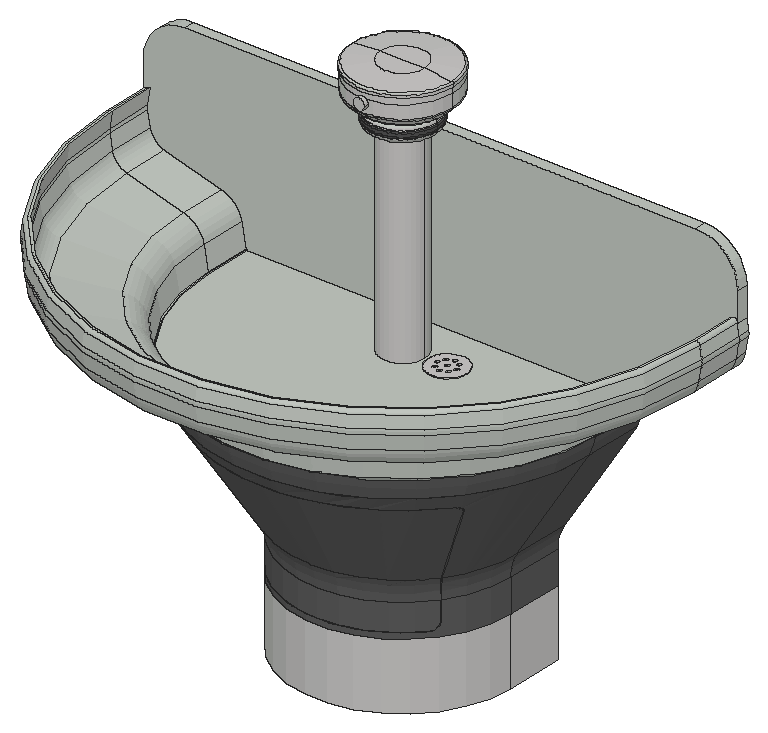
Revit family "Washfountain_Lavatory-Bradley_Corp-TDB3104-Type_A_Drain", category Plumbing Fixtures, Revit 2012 (continued)
Lines and regions (in)
  symbolic lines, visible <- "Towel Dispenser"
    curve 42: line (-9.02868, -27, 53.185) -> (-3.52868, -27, 53.185)
    curve 43: line (-3.52868, -27, 53.185) -> (-1.58013, -27, 51.81)
    curve 44: line (-3.52868, -27, 53.185) -> (-3.52868, -27, 66.435)
    curve 45: line (-9.02868, -27, 66.435) -> (-3.52868, -27, 66.435)
    curve 46: line (-3.52868, -27, 66.435) -> (-0.06458, -27, 67.1225)
    curve 47: line (-0.06458, -27, 67.1225) -> (-0.06458, -27, 51.81)
    curve 48: line (0.06458, -27, 51.81) -> (0.06458, -27, 67.1225)
    curve 49: line (0.06458, -27, 67.1225) -> (3.52868, -27, 66.435)
    curve 50: line (3.52868, -27, 66.435) -> (3.52868, -27, 53.185)
    curve 51: line (3.52868, -27, 53.185) -> (1.58013, -27, 51.81)
    curve 52: line (3.52868, -27, 53.185) -> (9.02868, -27, 53.185)
    curve 53: line (3.52868, -27, 66.435) -> (9.02868, -27, 66.435)
    curve 54: line (-2, -27, 67.1225) -> (2, -27, 67.1225)
    curve 55: line (-2, -27, 51.81) -> (2, -27, 51.81)
    curve 70: line (-5.56458, 7, 67.1225) -> (-5.56458, 7, 51.81)
    curve 71: line (5.56458, 7, 67.1225) -> (5.56458, 7, 51.81)
    curve 72: line (-2, 7, 53.37293) -> (-2, 7, 65.935)
    curve 73: line (2, 7, 65.935) -> (2, 7, 53.37293)
    curve 133: line (-27, -4.11186, 66.435) -> (-27, -2.11186, 67.1225)
    curve 134: line (-27, -4.11186, 66.435) -> (-27, -13.63814, 66.435)
    curve 135: line (-27, -4.11186, 53.185) -> (-27, -4.11186, 66.435)
    curve 136: line (-27, -2.98686, 51.81) -> (-27, -4.11186, 53.185)
    curve 137: line (-27, -4.11186, 53.185) -> (-27, -13.63814, 53.185)
    curve 144: line (-27, -3.25, 67.1225) -> (-27, -7.25, 67.1225)
    curve 145: line (-26.9807, -3.25, 51.81) -> (-26.9807, -7.25, 51.81)
    curve 152: line (-0.06458, -11.63814, 51.81) -> (-5.56458, -2.11186, 51.81)
    curve 153: line (5.56458, -2.11186, 51.81) -> (0.06458, -11.63814, 51.81)
    curve 164: line (-2, 7, 51.81) -> (-2, 7, 52.87293)
    curve 165: line (2, 7, 51.81) -> (2, 7, 52.87293)
    curve 166: line (-2, 7, 67.1225) -> (-2, 7, 66.435)
    curve 167: line (2, 7, 67.1225) -> (2, 7, 66.435)
    curve 168: line (-5.56458, 7, 66.435) -> (5.56458, 7, 66.435)
    curve 169: line (5.56458, 7, 65.935) -> (-5.56458, 7, 65.935)
    curve 170: line (-5.56458, 7, 53.37293) -> (5.56458, 7, 53.37293)
    curve 171: line (5.56458, 7, 52.87293) -> (-5.56458, 7, 52.87293)
  symbolic lines, visible <- "Towel Dispenser", detail levels medium+fine
    curve 56: line (-3.83614, -27, 52.87293) -> (-7.83674, -27, 52.87293)
    curve 57: spline (-7.83674, -27, 52.87293) -> (-7.91491, -27, 52.8596) -> (-7.94999, -27, 52.82053) -> (-7.93958, -27, 52.75838) -> (-7.88439, -27, 52.67739) -> (-7.78818, -27, 52.58306) -> (-7.65752, -27, 52.48184) -> (-7.50129, -27, 52.38062) -> (-7.33016, -27, 52.2863) -> (-7.15579, -27, 52.2053) -> (-6.99004, -27, 52.14315) -> (-6.84423, -27, 52.10408) -> (-6.72829, -27, 52.09075)
    curve 58: line (-6.72829, -27, 52.09075) -> (-2.72769, -27, 52.09075)
    curve 59: spline (-2.72769, -27, 52.09075) -> (-2.64952, -27, 52.10408) -> (-2.61444, -27, 52.14315) -> (-2.62485, -27, 52.2053) -> (-2.68004, -27, 52.2863) -> (-2.77625, -27, 52.38062) -> (-2.90691, -27, 52.48184) -> (-3.06314, -27, 52.58306) -> (-3.23427, -27, 52.67739) -> (-3.40864, -27, 52.75838) -> (-3.57439, -27, 52.82053) -> (-3.7202, -27, 52.8596) -> (-3.83614, -27, 52.87293)
    curve 60: line (7.83728, -27, 52.87335) -> (3.83704, -27, 52.87335)
    curve 61: spline (3.83704, -27, 52.87335) -> (3.72108, -27, 52.86002) -> (3.57526, -27, 52.82095) -> (3.4095, -27, 52.75879) -> (3.2351, -27, 52.67779) -> (3.06395, -27, 52.58345) -> (2.90772, -27, 52.48222) -> (2.77704, -27, 52.38099) -> (2.68082, -27, 52.28666) -> (2.62563, -27, 52.20565) -> (2.61521, -27, 52.1435) -> (2.65029, -27, 52.10442) -> (2.72847, -27, 52.09109)
    curve 62: line (2.72847, -27, 52.09109) -> (6.72872, -27, 52.09109)
    curve 63: spline (6.72872, -27, 52.09109) -> (6.84468, -27, 52.10442) -> (6.9905, -27, 52.1435) -> (7.15626, -27, 52.20565) -> (7.33066, -27, 52.28666) -> (7.5018, -27, 52.38099) -> (7.65804, -27, 52.48222) -> (7.78872, -27, 52.58345) -> (7.88494, -27, 52.67779) -> (7.94013, -27, 52.75879) -> (7.95054, -27, 52.82095) -> (7.91547, -27, 52.86002) -> (7.83728, -27, 52.87335)
    curve 140: line (-27, -12.08429, 52.87293) -> (-27, -5.15505, 52.87293)
    curve 141: spline (-27, -5.15505, 52.87293) -> (-27, -4.97604, 52.8596) -> (-27, -4.78742, 52.82053) -> (-27, -4.60205, 52.75838) -> (-27, -4.43256, 52.67739) -> (-27, -4.2905, 52.58306) -> (-27, -4.18555, 52.48184) -> (-27, -4.12486, 52.38062) -> (-27, -4.11258, 52.2863) -> (-27, -4.14953, 52.2053) -> (-27, -4.23319, 52.14315) -> (-27, -4.35788, 52.10408) -> (-27, -4.51509, 52.09075)
    curve 142: line (-27, -4.51509, 52.09075) -> (-27, -11.44433, 52.09075)
    curve 143: spline (-27, -11.44433, 52.09075) -> (-27, -11.62334, 52.10408) -> (-27, -11.81196, 52.14315) -> (-27, -11.99733, 52.2053) -> (-27, -12.16682, 52.2863) -> (-27, -12.30888, 52.38062) -> (-27, -12.41383, 52.48184) -> (-27, -12.47452, 52.58306) -> (-27, -12.4868, 52.67739) -> (-27, -12.44985, 52.75838) -> (-27, -12.36618, 52.82053) -> (-27, -12.2415, 52.8596) -> (-27, -12.08429, 52.87293)
    curve 151: line (-1.58013, -12.51314, 51.81) -> (-7.08013, -2.98686, 51.81)
    curve 154: line (7.08013, -2.98686, 51.81) -> (1.58013, -12.51314, 51.81)
  symbolic lines, visible <- "Towel Dispenser", detail levels fine
    curve 64: line (-8.05179, -27, 57.78719) -> (-8.05179, -27, 55.78719)
    curve 65: line (-8.05179, -27, 55.78719) -> (-8.05179, -27, 57.78719)
    curve 66: line (4.50683, -27, 57.78485) -> (4.50683, -27, 55.78485)
    curve 67: line (4.50683, -27, 55.78485) -> (4.50683, -27, 57.78485)
    curve 68: spline (-9.02868, -27, 53.185) -> (-8.93498, -27, 56.22612) -> (-8.66025, -27, 59.06) -> (-8.22323, -27, 61.4935) -> (-7.65368, -27, 63.3608) -> (-6.99044, -27, 64.53463) -> (-6.27868, -27, 64.935) -> (-5.56693, -27, 64.53463) -> (-4.90368, -27, 63.3608) -> (-4.33414, -27, 61.4935) -> (-3.89711, -27, 59.06) -> (-3.62239, -27, 56.22612) -> (-3.52868, -27, 53.185)
    curve 69: spline (3.52868, -27, 53.185) -> (3.62239, -27, 56.16142) -> (3.89711, -27, 58.935) -> (4.33414, -27, 61.31673) -> (4.90368, -27, 63.14429) -> (5.56693, -27, 64.29315) -> (6.27868, -27, 64.685) -> (6.99044, -27, 64.29315) -> (7.65368, -27, 63.14429) -> (8.22323, -27, 61.31673) -> (8.66025, -27, 58.935) -> (8.93498, -27, 56.16142) -> (9.02868, -27, 53.185)
    curve 138: spline (-27, -13.63814, 53.185) -> (-27, -13.47584, 56.16142) -> (-27, -13, 58.935) -> (-27, -12.24305, 61.31673) -> (-27, -11.25657, 63.14429) -> (-27, -10.10779, 64.29315) -> (-27, -8.875, 64.685) -> (-27, -7.64221, 64.29315) -> (-27, -6.49343, 63.14429) -> (-27, -5.50695, 61.31673) -> (-27, -4.75, 58.935) -> (-27, -4.27416, 56.16142) -> (-27, -4.11186, 53.185)
    curve 139: spline (-27, -5.8067, 55.78656) -> (-27, -5.84041, 55.82064) -> (-27, -5.87182, 55.92054) -> (-27, -5.89879, 56.07946) -> (-27, -5.91949, 56.28656) -> (-27, -5.9325, 56.52774) -> (-27, -5.93694, 56.78656) -> (-27, -5.9325, 57.04538) -> (-27, -5.91949, 57.28656) -> (-27, -5.89879, 57.49367) -> (-27, -5.87182, 57.65259) -> (-27, -5.84041, 57.75249) -> (-27, -5.8067, 57.78656) -> (-27, -5.77299, 57.75249) -> (-27, -5.74158, 57.65259) -> (-27, -5.7146, 57.49367) -> (-27, -5.69391, 57.28656) -> (-27, -5.68089, 57.04538) -> (-27, -5.67646, 56.78656) -> (-27, -5.68089, 56.52774) -> (-27, -5.69391, 56.28656) -> (-27, -5.7146, 56.07946) -> (-27, -5.74158, 55.92054) -> (-27, -5.77299, 55.82064) -> (-27, -5.8067, 55.78656)
  symbolic lines, visible <- "Soap Dispenser", detail levels medium+fine
    curve 79: line (-27, -11.45731, 54.75) -> (-27, -3.06766, 54.75)
    curve 87: line (-6.03002, 0, 54.75) -> (6.03002, 0, 54.75)
    curve 155: line (-4.17808, -3.06766, 55.75) -> (-4.17808, -5.3402, 55.75)
    curve 156: arc (4.17808, -5.3402, 55.75) -> (0, -9.51828, 55.75) -> (-4.17808, -5.3402, 55.75) r 4.17808
    curve 157: line (4.17808, -5.3402, 55.75) -> (4.17808, -3.06766, 55.75)
  symbolic lines, visible <- "Soap Dispenser", detail levels fine
    curve 80: line (-27, -11.49582, 55.37453) -> (-27, -3.06766, 55.37453)
    curve 81: line (-27, -11.32199, 54.10673) -> (-27, -3.06766, 54.10673)
    curve 82: line (-27, -11.26962, 52.85673) -> (-27, -3.06766, 52.85673)
    curve 83: line (-27, -11.217, 51.60673) -> (-27, -3.06766, 51.60673)
    curve 84: line (-27, -11.14922, 50.35673) -> (-27, -3.06766, 50.35673)
    curve 86: line (-6.15562, 0, 55.375) -> (6.15562, 0, 55.375)
    curve 88: line (5.98204, 0, 54.10673) -> (-5.98204, 0, 54.10673)
    curve 89: line (-5.92942, 0, 52.85673) -> (5.92942, 0, 52.85673)
    curve 90: line (5.8768, 0, 51.60673) -> (-5.8768, 0, 51.60673)
    curve 91: line (-5.80902, 0, 50.35673) -> (5.82464, 0, 50.35673)
  symbolic lines, visible <- "Soap Dispenser"
    curve 85: line (-27, -7.25, 49.75) -> (-27, -3.24582, 49.75)
    curve 92: line (-2, 0, 49.75) -> (2, 0, 49.75)
  symbolic lines, detail levels medium
    curve 94: line (-4.5755, -5.25, 45.06653) -> (4.5755, -5.25, 45.06653)
    curve 100: line (-3.035, -5.25, 42.77376) -> (-3.125, -5.25, 42.77376)
    curve 101: line (-3.035, -5.25, 43.27361) -> (-3.125, -5.25, 43.27361)
    curve 102: line (3.035, -5.25, 43.27361) -> (3.125, -5.25, 43.27361)
    curve 103: line (3.035, -5.25, 42.77376) -> (3.125, -5.25, 42.77376)
    curve 106: line (-27, -0.6745, 45.06653) -> (-27, -9.8255, 45.06653)
    curve 109: line (-27, -2.125, 43.27361) -> (-27, -2.215, 43.27361)
    curve 111: line (-26.9807, -8.285, 43.27392) -> (-26.9807, -8.375, 43.27392)
    curve 112: line (-27, -8.375, 42.77376) -> (-27, -8.285, 42.77376)
    curve 114: line (-27, -2.215, 42.77376) -> (-27, -2.125, 42.77376)
  symbolic lines, detail levels medium+fine
    curve 98: line (-3.035, -5.25, 43.27361) -> (3.035, -5.25, 43.27361)
    curve 99: line (3.035, -5.25, 42.77376) -> (-3.035, -5.25, 42.77376)
    curve 110: line (-27, -2.215, 43.27361) -> (-27, -8.285, 43.27361)
    curve 113: line (-27, -8.285, 42.77376) -> (-27, -2.215, 42.77376)
    curve 158: line (-16.42795, -5.25, 34) -> (-16.42795, -0.99695, 34)
    curve 159: arc (16.42795, -5.25, 34) -> (0, -21.67795, 34) -> (-16.42795, -5.25, 34) r 16.42795
    curve 160: line (16.42795, -0.99695, 34) -> (16.42795, -5.25, 34)
    curve 173: circle (4, -5.24635, 34) r 1.34351 normal (0, 0, 1)
    curve 174: circle (4, -5.24635, 34) r 0.1842 normal (0, 0, 1)
    curve 175: circle (4, -4.36864, 34) r 0.1842 normal (0, 0, 1)
    curve 176: circle (4.62063, -4.62571, 34) r 0.1842 normal (0, 0, 1)
    curve 177: circle (4.87771, -5.24635, 34) r 0.1842 normal (0, 0, 1)
    curve 178: circle (4.62063, -5.86698, 34) r 0.1842 normal (0, 0, 1)
    curve 179: circle (4, -6.12406, 34) r 0.1842 normal (0, 0, 1)
    curve 180: circle (3.37937, -5.86698, 34) r 0.1842 normal (0, 0, 1)
    curve 181: circle (3.12229, -5.24635, 34) r 0.1842 normal (0, 0, 1)
    curve 182: circle (3.37937, -4.62571, 34) r 0.1842 normal (0, 0, 1)
    curve 185: circle (0, -5.25, 47.414) r 3.75 normal (0, 0, 1)
  symbolic lines, visible <- "Standard Height", detail levels medium+fine
    curve 116: arc (-27, -25.14914, 27.60641) -> (-27, -21.62946, 26.99605) -> (-27, -18.06241, 26.80413) r 30.30246
    curve 132: line (-27, -18.06241, 26.80413) -> (-27, -15.06241, 26.80413)
    curve 161: arc (-19.89268, -27, 27.60641) -> (0, -27, 26.06829) -> (19.89268, -27, 27.60641) r 129.40584
  symbolic lines, visible <- "Standard Height", detail levels coarse
    curve 125: line (-27, -25.14914, 27.60641) -> (-27, 0, 27.60641)
    curve 162: line (-19.89268, -27, 27.60641) -> (19.89268, -27, 27.60641)
  symbolic lines, visible <- "Juvenile Height", detail levels medium+fine
    curve 126: arc (-27, -24.98186, 24.71005) -> (-27, -21.77754, 24.31554) -> (-27, -18.55112, 24.19901) r 37.37844
    curve 146: arc (-19.73471, -27, 24.7109) -> (0, -27, 24) -> (19.73471, -27, 24.7109) r 274.27377
  symbolic lines, visible <- "Soap Dispenser", detail levels medium
    curve 128: line (-6.03002, 0, 54.75) -> (-6.11711, 0, 54.75)
    curve 129: line (6.03002, 0, 54.75) -> (6.11711, 0, 54.75)
  symbolic lines, visible <- "Button Visibility"
    curve 184: circle (0, -44.4096, 45.95529) r 0.5 normal (0, -1, 0)
Dimensions and locks (in)
  equal spacing: plane 4 "Left", plane 3 "Center (Left/Right)", plane 5 "Right"
  "Width": plane 4 "Left" to plane 5 "Right"
  "Towel Dispenser Height": plane 6 "Towel Dispenser" to plane 2
  "Soap Dispenser Height": plane 7 "Soap Dispenser" to plane 2
  "Sensor Module Height": plane 8 "Sensor Module" to plane 2
  "Spray Head Height": plane 9 "Spray Head" to plane 2
  "Rim Height": plane 10 "Rim Height" to plane 2
  "Pedestal Height": plane 11 "Pedestal Height" to plane 2
  locked: curve 14 to plane 11 "Pedestal Height" at 16.5
  locked: curve 21 to plane 11 "Pedestal Height" at 12.5
  locked: Extrusion 19 sketch curve to Extrusion 19 sketch curve at 4
  locked: curve 25 to Extrusion 19 sketch curve at 15.3125
  locked: plane 7 "Soap Dispenser" to Extrusion 23 sketch curve at 6
  locked: plane 7 "Soap Dispenser" to Revolve 25 sketch curve at 6
  locked: plane 7 "Soap Dispenser" to Masking region 13 sketch curve at 6  (x2)
  locked: plane 8 "Sensor Module" to Revolve 22 sketch curve at 3.17187
  locked: plane 8 "Sensor Module" to Revolve 22 sketch curve at 5.10281
  locked: plane 8 "Sensor Module" to Revolve 21 sketch curve at 3.17187
  locked: plane 8 "Sensor Module" to Revolve 21 sketch curve at 5.10281
  locked: curve 25 to Extrusion 19 sketch curve at 15.16214
  locked: curve 25 to Extrusion 19 sketch curve at 4
  locked: Extrusion 18 sketch curve to curve 24 at 4
  locked: curve 24 to Extrusion 18 sketch curve at 15.3125
  locked: curve 24 to Extrusion 18 sketch curve at 15.16214
  "Towel Dispenser Holder": plane 6 "Towel Dispenser" to Masking region 6
  "Towel Dispenser Holder": plane 6 "Towel Dispenser" to Extrusion 27
  locked: Extrusion 27 to Extrusion 18 at 1
  "Towel Dispenser Holder": plane 6 "Towel Dispenser" to Masking region 11
  locked: plane 7 "Soap Dispenser" to Revolve 25 sketch curve at 1
  locked: plane 7 "Soap Dispenser" to Revolve 25 sketch curve at 0.375
  locked: plane 8 "Sensor Module" to Extrusion 15 at 3.17187
  locked: Extrusion 29 sketch curve to plane 1 "Center (Front/Back)" at 2  (x2)
  Extrusion 29 sketch curve to plane 3 "Center (Left/Right)" to Extrusion 29 sketch curve = 7.625" locked, 7.625" locked
  Extrusion 30 sketch curve to plane 3 "Center (Left/Right)" to Extrusion 30 sketch curve = 7.625" locked, 7.625" locked
  locked: Extrusion 30 sketch curve to plane 2 at 12
  locked: Extrusion 29 to plane 2 at 2.5
  locked: plane 1 "Center (Front/Back)" to Extrusion 30 at 2.5
  plane 7 "Soap Dispenser" to Extrusion 24 sketch curve to Extrusion 24 sketch curve = 1.000" locked, 5.000" locked
  plane 7 "Soap Dispenser" to Revolve 26 sketch curve to Revolve 26 sketch curve = 1.000" locked, 5.000" locked
  locked: plane 7 "Soap Dispenser" to Extrusion 32 sketch curve at 1
  Extrusion 30 sketch curve to plane 2 = 12.000"
  locked: Extrusion 35 sketch curve to plane 1 "Center (Front/Back)" at 5.25
  locked: Extrusion 35 to plane 2 at 3
  locked: plane 3 "Center (Left/Right)" to Extrusion 35 sketch curve at 4
  locked: Extrusion 36 sketch curve to plane 3 "Center (Left/Right)" at 4
  locked: Extrusion 36 sketch curve to plane 2 at 13.25
  locked: plane 1 "Center (Front/Back)" to Extrusion 36 at 3
  "Hot Lavatory Inlet Secondary Radius": radius of Extrusion 29 sketch curve
  "Cold Lavatory Inlet Secondary Radius": radius of Extrusion 29 sketch curve
  "Hot Lavatory Inlet Primary Radius": radius of Extrusion 30 sketch curve
  "Cold Lavatory Inlet Primary Radius": radius of Extrusion 30 sketch curve
  "Drain Secondary Radius": radius of Extrusion 35 sketch curve
  "Drain Primary Radius": radius of Extrusion 36 sketch curve
  aligned and locked: plane 10 "Rim Height" to curve 1
  aligned and locked: Sweep 4 to Extrusion 15
  aligned and locked: plane 6 "Towel Dispenser" to curve 23
  aligned and locked: Extrusion 17 to plane 8 "Sensor Module"
  aligned and locked: Extrusion 18 to Extrusion 20
  aligned and locked: plane 11 "Pedestal Height" to Masking region 9 sketch curve
  aligned and locked: plane 2 to Masking region 9 sketch curve
  aligned and locked: Masking region 10 sketch curve to plane 8 "Sensor Module"
  aligned and locked: Masking region 12 to plane 8 "Sensor Module"
  aligned and locked: Masking region 13 to plane 8 "Sensor Module"
  aligned and locked: Masking region 14 to plane 8 "Sensor Module"
  aligned and locked: Masking region 25 to Revolve 21
  aligned and locked: Masking region 25 to plane 10 "Rim Height"
  aligned and locked: Revolve 21 to Masking region 26
  aligned and locked: plane 10 "Rim Height" to Masking region 26
  aligned and locked: Revolve 25 to Masking region 14  (x3)
  aligned and locked: Masking region 14 sketch curve to Extrusion 23
  aligned and locked: Extrusion 23 to Masking region 14
  aligned and locked: Extrusion 17 to cut or joined group of Extrusion 24, Revolve 26
  aligned and locked: Revolve 31 sketch curve to plane 3 "Center (Left/Right)"
  aligned and locked: Extrusion 29 to plane 2
  aligned and locked: Extrusion 35 to plane 2
  aligned and locked: Extrusion 36 to plane 1 "Center (Front/Back)"
  aligned and locked: Extrusion 30 to plane 1 "Center (Front/Back)"
Automatic sketch dimensions
  curve 21 to plane 4 "Left" = 6.92149"
  curve 21 to curve 14 = 1.92149"
  plane 4 "Left" to curve 14 = 6.000"
  curve 14 to curve 21 = 0.07851"
  curve 1 to plane 4 "Left" = 20.13744"
  plane 4 "Left" to curve 1 = 2.86256"
  Extrusion 1 sketch curve to plane 1 "Center (Front/Back)" = 0.000"
  Extrusion 1 sketch curve to plane 3 "Center (Left/Right)" = 0.000"
  Extrusion 1 sketch curve to plane 3 "Center (Left/Right)" = 9.750"
  plane 1 "Center (Front/Back)" to Extrusion 1 sketch curve = 5.250"
  Sweep 2 sketch curve to profile plane = 0.000"  (x2)
  profile plane to Sweep 2 sketch curve = 0.20663"
  Sweep 2 sketch curve to Sweep 2 sketch curve = 0.42149"
  profile plane to Sweep 2 sketch curve = 6.67795"
  Sweep 2 sketch curve to Sweep 2 sketch curve = 0.46084"
  Sweep 2 sketch curve to Sweep 2 sketch curve = 0.55216"
  Sweep 2 sketch curve to Sweep 2 sketch curve = 0.51988"
  Sweep 2 sketch curve to Sweep 2 sketch curve = 0.500"
  Sweep 2 sketch curve to Sweep 2 sketch curve = 2.980"
  Sweep 2 sketch curve to Sweep 2 sketch curve = 0.000"
  Sweep 2 sketch curve to Sweep 2 sketch curve = 2.15184"
  Sweep 2 sketch curve to Sweep 2 sketch curve = 0.26898"
  Sweep 2 sketch curve to Sweep 2 sketch curve = 10.2021"
  Sweep 2 sketch curve to Sweep 2 sketch curve = 0.20731"
  Sweep 2 sketch curve to Sweep 2 sketch curve = 1.93875"
  Sweep 3 sketch curve to profile plane = 0.000"  (x2)
  profile plane to Sweep 3 sketch curve = 0.20663"
  Sweep 3 sketch curve to Sweep 3 sketch curve = 0.42149"
  profile plane to Sweep 3 sketch curve = 4.000"
  profile plane to Sweep 3 sketch curve = 6.67795"
  Sweep 3 sketch curve to Sweep 3 sketch curve = 0.46084"
  Sweep 3 sketch curve to Sweep 3 sketch curve = 0.55216"
  Sweep 3 sketch curve to Sweep 3 sketch curve = 0.37561"
  Sweep 3 sketch curve to Sweep 3 sketch curve = 0.0125"
  Sweep 3 sketch curve to Sweep 3 sketch curve = 0.11945"
  Sweep 3 sketch curve to Sweep 3 sketch curve = 0.000"  (x2)
  Sweep 3 sketch curve to Sweep 3 sketch curve = 0.500"
  Sweep 3 sketch curve to profile plane = 1.16827"
  Sweep 3 sketch curve to Sweep 3 sketch curve = 2.980"
  Sweep 3 sketch curve to Sweep 3 sketch curve = 0.26898"
  Sweep 3 sketch curve to Sweep 3 sketch curve = 10.2021"
  Sweep 3 sketch curve to Sweep 3 sketch curve = 0.20731"
  Sweep 3 sketch curve to Sweep 3 sketch curve = 1.79793"
  profile plane to Sweep 4 sketch curve = 17.05789"
  Sweep 4 sketch curve to Sweep 4 sketch curve = 0.52916"
  Sweep 4 sketch curve to Sweep 4 sketch curve = 1.20506"
  Sweep 4 sketch curve to Sweep 4 sketch curve = 0.38561"
  Sweep 4 sketch curve to Sweep 4 sketch curve = 4.79538"
  Sweep 4 sketch curve to Sweep 4 sketch curve = 0.27039"
  Sweep 4 sketch curve to Sweep 4 sketch curve = 1.45241"
  Sweep 4 sketch curve to Sweep 4 sketch curve = 0.44027"
  Sweep 4 sketch curve to Sweep 4 sketch curve = 0.46741"
  Sweep 4 sketch curve to Sweep 4 sketch curve = 0.50758"
  profile plane to Sweep 4 sketch curve = 17.480"
  Sweep 4 sketch curve to Sweep 4 sketch curve = 0.500"
  Sweep 4 sketch curve to Sweep 4 sketch curve = 2.01893"
  Sweep 4 sketch curve to Sweep 4 sketch curve = 0.22984"
  Sweep 4 sketch curve to Sweep 4 sketch curve = 1.58748"
  Sweep 4 sketch curve to Sweep 4 sketch curve = 0.44518"
  Sweep 4 sketch curve to Sweep 4 sketch curve = 1.38849"
  Sweep 4 sketch curve to Sweep 4 sketch curve = 0.4143"
  Sweep 4 sketch curve to Sweep 4 sketch curve = 4.5908"
  Sweep 5 sketch curve to Sweep 5 sketch curve = 0.000"  (x7)
  profile plane to Sweep 5 sketch curve = 17.21443"
  Sweep 5 sketch curve to Sweep 5 sketch curve = 0.00833"
  Sweep 5 sketch curve to Sweep 5 sketch curve = 0.15654"
  Sweep 5 sketch curve to Sweep 5 sketch curve = 0.25178"
  Sweep 5 sketch curve to Sweep 5 sketch curve = 0.49458"
  Sweep 5 sketch curve to Sweep 5 sketch curve = 0.00555"
  Sweep 5 sketch curve to Sweep 5 sketch curve = 0.37062"
  Sweep 5 sketch curve to Sweep 5 sketch curve = 0.18233"
  Sweep 5 sketch curve to Sweep 5 sketch curve = 0.4918"
  Sweep 5 sketch curve to Sweep 5 sketch curve = 0.98915"
  Sweep 5 sketch curve to Sweep 5 sketch curve = 1.13886"
  Sweep 5 sketch curve to Sweep 5 sketch curve = 0.12943"  (x2)
  Sweep 5 sketch curve to Sweep 5 sketch curve = 0.98948"
  Sweep 5 sketch curve to Sweep 5 sketch curve = 4.66326"
  Sweep 5 sketch curve to Sweep 5 sketch curve = 0.51772"
  Sweep 5 sketch curve to Sweep 5 sketch curve = 1.97013"
  Sweep 5 sketch curve to Sweep 5 sketch curve = 0.4229"
  Sweep 5 sketch curve to Sweep 5 sketch curve = 0.49279"
  Sweep 5 sketch curve to Sweep 5 sketch curve = 0.11821"
  Sweep 5 sketch curve to Sweep 5 sketch curve = 0.30283"
  Sweep 5 sketch curve to Sweep 5 sketch curve = 0.1039"
  profile plane to Sweep 5 sketch curve = 17.480"
  Sweep 5 sketch curve to Sweep 5 sketch curve = 0.09934"
  Sweep 5 sketch curve to Sweep 5 sketch curve = 0.500"
  Sweep 5 sketch curve to Sweep 5 sketch curve = 0.08737"
  Sweep 5 sketch curve to Sweep 5 sketch curve = 2.07524"
  Sweep 5 sketch curve to Sweep 5 sketch curve = 0.34435"
  Sweep 5 sketch curve to Sweep 5 sketch curve = 0.08462"
  Sweep 5 sketch curve to Sweep 5 sketch curve = 1.38849"
  Sweep 5 sketch curve to Sweep 5 sketch curve = 0.48296"
  Sweep 5 sketch curve to Sweep 5 sketch curve = 1.28456"
  Sweep 5 sketch curve to Sweep 5 sketch curve = 1.37314"
  Sweep 5 sketch curve to Sweep 5 sketch curve = 0.09018"
  Sweep 5 sketch curve to Sweep 5 sketch curve = 0.18035"
  Sweep 5 sketch curve to Sweep 5 sketch curve = 1.07264"
  Sweep 5 sketch curve to Sweep 5 sketch curve = 0.05503"
  Extrusion 6 sketch curve to curve 14 = 0.000"
  Extrusion 6 sketch curve to curve 14 = 7.3736"
  Extrusion 6 sketch curve to curve 14 = 47.96443"
  Extrusion 6 sketch curve to curve 14 = 7.86445"
  Extrusion 6 sketch curve to Extrusion 6 sketch curve = 0.00833"  (x2)
  Extrusion 6 sketch curve to Extrusion 6 sketch curve = 0.15654"
  Extrusion 6 sketch curve to curve 14 = 9.23759"
  Extrusion 6 sketch curve to Extrusion 6 sketch curve = 0.25178"  (x2)
  Extrusion 6 sketch curve to Extrusion 6 sketch curve = 1.4754"
  Extrusion 6 sketch curve to Extrusion 6 sketch curve = 1.63066"
  Extrusion 6 sketch curve to Extrusion 6 sketch curve = 0.98948"  (x2)
  Extrusion 6 sketch curve to Extrusion 6 sketch curve = 3.750"  (x2)
  Extrusion 6 sketch curve to Extrusion 6 sketch curve = 4.66326"
  Extrusion 6 sketch curve to curve 14 = 12.39359"
  Extrusion 6 sketch curve to Extrusion 6 sketch curve = 0.51772"
  Extrusion 6 sketch curve to curve 14 = 13.98107"
  Extrusion 6 sketch curve to Extrusion 6 sketch curve = 1.97013"
  Extrusion 6 sketch curve to curve 14 = 16.40066"
  Extrusion 6 sketch curve to Extrusion 6 sketch curve = 0.4229"  (x2)
  Extrusion 6 sketch curve to Extrusion 6 sketch curve = 0.11821"  (x2)
  Extrusion 6 sketch curve to curve 14 = 3.10085"
  Extrusion 6 sketch curve to curve 14 = 1.10732"
  Extrusion 6 sketch curve to curve 14 = 0.5896"
  curve 14 to Extrusion 6 sketch curve = 2.05789"
  curve 14 to Extrusion 6 sketch curve = 3.49122"
  Extrusion 6 sketch curve to Extrusion 6 sketch curve = 0.58244"
  Extrusion 6 sketch curve to Extrusion 6 sketch curve = 1.22363"
  Extrusion 6 sketch curve to Extrusion 6 sketch curve = 1.05424"  (x2)
  Extrusion 6 sketch curve to Extrusion 6 sketch curve = 2.56937"
  Extrusion 6 sketch curve to Extrusion 6 sketch curve = 0.22032"
  Extrusion 6 sketch curve to Extrusion 6 sketch curve = 1.23787"  (x2)
  Extrusion 6 sketch curve to Extrusion 6 sketch curve = 1.37314"
  curve 14 to Extrusion 6 sketch curve = 12.39359"
  Extrusion 6 sketch curve to Extrusion 6 sketch curve = 1.58748"
  Extrusion 6 sketch curve to Extrusion 6 sketch curve = 0.02066"
  Extrusion 6 sketch curve to Extrusion 6 sketch curve = 0.120"
  Extrusion 7 sketch curve to curve 14 = 0.000"
  Extrusion 7 sketch curve to curve 14 = 6.000"
  Extrusion 7 sketch curve to curve 14 = 47.80789"
  Extrusion 7 sketch curve to curve 14 = 11.0051"
  Extrusion 7 sketch curve to Extrusion 7 sketch curve = 1.73423"
  Extrusion 7 sketch curve to curve 14 = 3.750"  (x2)
  Extrusion 7 sketch curve to curve 14 = 12.39359"
  Extrusion 7 sketch curve to Extrusion 7 sketch curve = 5.18099"
  Extrusion 7 sketch curve to curve 14 = 13.98107"
  Extrusion 7 sketch curve to Extrusion 7 sketch curve = 1.45241"
  Extrusion 7 sketch curve to curve 14 = 16.500"
  Extrusion 7 sketch curve to Extrusion 7 sketch curve = 0.44027"  (x2)
  Extrusion 7 sketch curve to curve 14 = 3.000"
  Extrusion 7 sketch curve to curve 14 = 1.10732"
  curve 14 to Extrusion 7 sketch curve = 2.05789"
  curve 14 to Extrusion 7 sketch curve = 4.07366"
  Extrusion 7 sketch curve to Extrusion 7 sketch curve = 2.250"
  curve 14 to Extrusion 7 sketch curve = 11.0051"
  curve 14 to Extrusion 7 sketch curve = 12.39359"
  Extrusion 7 sketch curve to Extrusion 7 sketch curve = 1.58748"
  Extrusion 9 sketch curve to plane 11 "Pedestal Height" = 0.000"
  plane 4 "Left" to Extrusion 9 sketch curve = 10.01988"
  Extrusion 9 sketch curve to plane 11 "Pedestal Height" = 1.93875"  (x2)
  Extrusion 9 sketch curve to Extrusion 9 sketch curve = 0.55216"  (x2)
  Extrusion 9 sketch curve to plane 3 "Center (Left/Right)" = 9.95663"
  Extrusion 9 sketch curve to Extrusion 9 sketch curve = 0.70663"  (x2)
  plane 3 "Center (Left/Right)" to Extrusion 9 sketch curve = 9.250"
  Extrusion 9 sketch curve to plane 5 "Right" = 10.57205"
  level to Extrusion 9 sketch curve = 11.42082"  (x2)
  Extrusion 9 sketch curve to Extrusion 9 sketch curve = 2.42082"  (x2)
  Extrusion 9 sketch curve to Extrusion 9 sketch curve = 2.980"
  profile plane to Sweep 10 sketch curve = 17.05789"
  Sweep 10 sketch curve to Sweep 10 sketch curve = 0.33998"
  Sweep 10 sketch curve to Sweep 10 sketch curve = 1.26148"
  Sweep 10 sketch curve to Sweep 10 sketch curve = 0.37615"
  Sweep 10 sketch curve to Sweep 10 sketch curve = 6.1096"
  Sweep 10 sketch curve to Sweep 10 sketch curve = 0.25072"
  Sweep 10 sketch curve to Sweep 10 sketch curve = 1.06066"
  Sweep 10 sketch curve to Sweep 10 sketch curve = 0.20711"
  Sweep 10 sketch curve to Sweep 10 sketch curve = 0.50758"
  profile plane to Sweep 10 sketch curve = 17.480"
  Sweep 10 sketch curve to Sweep 10 sketch curve = 0.500"
  Sweep 10 sketch curve to Sweep 10 sketch curve = 0.56066"
  Sweep 10 sketch curve to Sweep 10 sketch curve = 0.45639"
  Sweep 10 sketch curve to Sweep 10 sketch curve = 1.44565"
  Sweep 10 sketch curve to Sweep 10 sketch curve = 0.42843"
  Sweep 10 sketch curve to Sweep 10 sketch curve = 3.06543"
  Sweep 10 sketch curve to Sweep 10 sketch curve = 0.49984"
  Sweep 11 sketch curve to Sweep 11 sketch curve = 0.000"  (x4)
  profile plane to Sweep 11 sketch curve = 17.06017"
  Sweep 11 sketch curve to Sweep 11 sketch curve = 0.34215"
  Sweep 11 sketch curve to Sweep 11 sketch curve = 0.35149"
  Sweep 11 sketch curve to Sweep 11 sketch curve = 0.96392"
  Sweep 11 sketch curve to Sweep 11 sketch curve = 0.35711"
  Sweep 11 sketch curve to Sweep 11 sketch curve = 1.31387"
  Sweep 11 sketch curve to Sweep 11 sketch curve = 0.10878"  (x2)
  Sweep 11 sketch curve to Sweep 11 sketch curve = 1.37319"
  Sweep 11 sketch curve to Sweep 11 sketch curve = 4.2803"
  Sweep 11 sketch curve to Sweep 11 sketch curve = 0.51736"
  Sweep 11 sketch curve to Sweep 11 sketch curve = 1.12685"
  Sweep 11 sketch curve to Sweep 11 sketch curve = 0.34986"
  Sweep 11 sketch curve to Sweep 11 sketch curve = 0.60786"
  Sweep 11 sketch curve to Sweep 11 sketch curve = 0.20711"
  Sweep 11 sketch curve to Sweep 11 sketch curve = 0.30047"
  profile plane to Sweep 11 sketch curve = 16.36982"
  Sweep 11 sketch curve to Sweep 11 sketch curve = 1.11018"
  Sweep 11 sketch curve to Sweep 11 sketch curve = 0.500"
  Sweep 11 sketch curve to Sweep 11 sketch curve = 0.10786"
  Sweep 11 sketch curve to Sweep 11 sketch curve = 0.35725"
  Sweep 11 sketch curve to Sweep 11 sketch curve = 1.06938"
  Sweep 11 sketch curve to Sweep 11 sketch curve = 0.48802"
  Sweep 11 sketch curve to Sweep 11 sketch curve = 0.56179"
  Sweep 11 sketch curve to Sweep 11 sketch curve = 2.18899"
  Sweep 11 sketch curve to Sweep 11 sketch curve = 0.12691"
  Extrusion 12 sketch curve to curve 21 = 0.000"
  Extrusion 12 sketch curve to curve 21 = 5.8864"
  Extrusion 12 sketch curve to Extrusion 12 sketch curve = 0.05365"
  Extrusion 12 sketch curve to Extrusion 12 sketch curve = 0.86879"  (x2)
  Extrusion 12 sketch curve to Extrusion 12 sketch curve = 0.90799"
  Extrusion 12 sketch curve to Extrusion 12 sketch curve = 1.31387"  (x2)
  Extrusion 12 sketch curve to Extrusion 12 sketch curve = 1.7303"
  Extrusion 12 sketch curve to curve 21 = 2.1364"
  curve 21 to Extrusion 12 sketch curve = 0.66942"
  curve 21 to Extrusion 12 sketch curve = 1.18678"
  Extrusion 12 sketch curve to Extrusion 12 sketch curve = 1.12685"  (x2)
  Extrusion 12 sketch curve to Extrusion 12 sketch curve = 0.60786"  (x3)
  curve 21 to Extrusion 12 sketch curve = 12.500"
  Extrusion 12 sketch curve to Extrusion 12 sketch curve = 36.000"
  curve 21 to Extrusion 12 sketch curve = 11.89214"
  Extrusion 12 sketch curve to Extrusion 12 sketch curve = 0.51736"
  Extrusion 12 sketch curve to Extrusion 12 sketch curve = 3.32318"
  Extrusion 12 sketch curve to Extrusion 12 sketch curve = 1.05806"
  Extrusion 12 sketch curve to Extrusion 12 sketch curve = 0.41643"
  Extrusion 12 sketch curve to Extrusion 12 sketch curve = 1.7695"
  curve 21 to Extrusion 12 sketch curve = 6.6551"
  Extrusion 12 sketch curve to Extrusion 12 sketch curve = 0.92244"
  Extrusion 12 sketch curve to Extrusion 12 sketch curve = 1.71804"
  Extrusion 12 sketch curve to curve 21 = 13.61018"
  Extrusion 12 sketch curve to curve 21 = 10.21972"
  Extrusion 12 sketch curve to Extrusion 12 sketch curve = 3.56462"
  Extrusion 12 sketch curve to Extrusion 12 sketch curve = 1.04981"  (x2)
  Extrusion 12 sketch curve to Extrusion 12 sketch curve = 2.51481"
  Extrusion 12 sketch curve to Extrusion 12 sketch curve = 0.31368"  (x2)
  Extrusion 13 sketch curve to curve 21 = 0.000"
  Extrusion 13 sketch curve to curve 21 = 5.8864"
  Extrusion 13 sketch curve to Extrusion 13 sketch curve = 1.26148"  (x2)
  Extrusion 13 sketch curve to curve 21 = 2.1364"
  curve 21 to Extrusion 13 sketch curve = 1.86083"
  Extrusion 13 sketch curve to Extrusion 13 sketch curve = 1.06066"  (x3)
  curve 21 to Extrusion 13 sketch curve = 12.500"
  Extrusion 13 sketch curve to Extrusion 13 sketch curve = 36.000"
  curve 21 to Extrusion 13 sketch curve = 11.43934"
  curve 21 to Extrusion 13 sketch curve = 3.750"
  Extrusion 13 sketch curve to Extrusion 13 sketch curve = 3.99723"
  curve 21 to Extrusion 13 sketch curve = 9.99369"
  Extrusion 13 sketch curve to curve 21 = 9.99369"
  Extrusion 13 sketch curve to Extrusion 13 sketch curve = 2.77782"  (x2)
  Extrusion 14 sketch curve to Extrusion 14 sketch curve = 0.87229"
  Extrusion 14 sketch curve to Extrusion 14 sketch curve = 0.25708"  (x5)
  Extrusion 14 sketch curve to Extrusion 14 sketch curve = 0.62063"  (x10)
  Extrusion 15 sketch curve to plane 3 "Center (Left/Right)" = 0.000"
  plane 1 "Center (Front/Back)" to Extrusion 15 sketch curve = 5.250"
  Extrusion 16 sketch curve to Extrusion 16 sketch curve = 0.000"  (x7)
  curve 21 to Extrusion 16 sketch curve = 8.11292"
  Extrusion 16 sketch curve to Extrusion 16 sketch curve = 0.052"
  Extrusion 16 sketch curve to Extrusion 16 sketch curve = 0.22903"
  Extrusion 16 sketch curve to Extrusion 16 sketch curve = 0.00701"  (x2)
  Extrusion 16 sketch curve to Extrusion 16 sketch curve = 0.32568"
  curve 21 to Extrusion 16 sketch curve = 9.66113"
  Extrusion 16 sketch curve to Extrusion 16 sketch curve = 2.76437"
  Extrusion 16 sketch curve to Extrusion 16 sketch curve = 0.0519"
  Extrusion 16 sketch curve to Extrusion 16 sketch curve = 0.51604"
  Extrusion 16 sketch curve to Extrusion 16 sketch curve = 0.05859"
  Extrusion 16 sketch curve to Extrusion 16 sketch curve = 0.52993"
  Extrusion 16 sketch curve to Extrusion 16 sketch curve = 0.01463"
  Extrusion 16 sketch curve to Extrusion 16 sketch curve = 0.00079"
  Extrusion 16 sketch curve to Extrusion 16 sketch curve = 14.71052"
  Extrusion 16 sketch curve to Extrusion 16 sketch curve = 0.00972"
  Extrusion 16 sketch curve to Extrusion 16 sketch curve = 0.00484"
  Extrusion 16 sketch curve to Extrusion 16 sketch curve = 0.58467"
  Extrusion 16 sketch curve to Extrusion 16 sketch curve = 0.07564"
  Extrusion 16 sketch curve to Extrusion 16 sketch curve = 0.43038"
  Extrusion 16 sketch curve to Extrusion 16 sketch curve = 0.05231"
  Extrusion 16 sketch curve to Extrusion 16 sketch curve = 2.78655"
  Extrusion 16 sketch curve to Extrusion 16 sketch curve = 1.15791"
  Extrusion 16 sketch curve to Extrusion 16 sketch curve = 0.08964"
  Extrusion 16 sketch curve to Extrusion 16 sketch curve = 0.32472"
  Extrusion 16 sketch curve to Extrusion 16 sketch curve = 0.05186"
  Extrusion 16 sketch curve to curve 21 = 29.46715"
  Extrusion 16 sketch curve to Extrusion 16 sketch curve = 1.76161"
  Extrusion 16 sketch curve to Extrusion 16 sketch curve = 1.87798"
  Extrusion 16 sketch curve to Extrusion 16 sketch curve = 0.18344"
  Extrusion 16 sketch curve to Extrusion 16 sketch curve = 2.15339"
  Extrusion 16 sketch curve to Extrusion 16 sketch curve = 0.0272"
  Extrusion 16 sketch curve to Extrusion 16 sketch curve = 2.08114"
  Extrusion 16 sketch curve to Extrusion 16 sketch curve = 0.02642"
  Extrusion 16 sketch curve to Extrusion 16 sketch curve = 6.26208"
  Extrusion 16 sketch curve to Extrusion 16 sketch curve = 6.39267"
  Extrusion 16 sketch curve to Extrusion 16 sketch curve = 0.02728"
  Extrusion 16 sketch curve to Extrusion 16 sketch curve = 0.02701"
  curve 23 to plane 4 "Left" = 0.000"
  curve 23 to curve 23 = 8.86256"
  Extrusion 17 sketch curve to plane 3 "Center (Left/Right)" = 0.000"
  plane 1 "Center (Front/Back)" to Extrusion 17 sketch curve = 5.250"
  Extrusion 18 sketch curve to plane 6 "Towel Dispenser" = 0.000"
  plane 6 "Towel Dispenser" to Extrusion 18 sketch curve = 1.375"
  Extrusion 18 sketch curve to Extrusion 18 sketch curve = 1.750"
  Extrusion 19 sketch curve to plane 6 "Towel Dispenser" = 0.000"
  plane 6 "Towel Dispenser" to Extrusion 19 sketch curve = 1.375"
  Extrusion 19 sketch curve to Extrusion 19 sketch curve = 1.750"
  plane 1 "Center (Front/Back)" to curve 25 = 2.11186"
  plane 3 "Center (Left/Right)" to curve 25 = 5.56458"
  plane 3 "Center (Left/Right)" to curve 25 = 0.06458"
  curve 24 to plane 3 "Center (Left/Right)" = 0.06458"
  plane 1 "Center (Front/Back)" to curve 24 = 2.11186"
  curve 24 to plane 3 "Center (Left/Right)" = 5.56458"
  curve 25 to curve 25 = 9.52628"
  curve 24 to curve 25 = 0.000"
  Extrusion 18 to Split face 1 sketch curve = 0.59847"
  Split face 1 sketch curve to Split face 1 sketch curve = 0.750"
  Split face 1 sketch curve to Extrusion 18 = 1.4994"  (x2)
  Extrusion 19 to Split face 2 sketch curve = 0.59766"
  Split face 2 sketch curve to Split face 2 sketch curve = 0.75008"
  Split face 2 sketch curve to Extrusion 19 = 1.500"
  Split face 2 sketch curve to Extrusion 19 = 1.49951"
  Extrusion 20 sketch curve to Extrusion 20 sketch curve = 0.000"  (x2)
  Extrusion 20 sketch curve to curve 23 = 2.11186"  (x2)
  Extrusion 20 sketch curve to curve 23 = 23.70202"
  Extrusion 20 sketch curve to Extrusion 20 sketch curve = 0.11164"
  Extrusion 20 sketch curve to Extrusion 20 sketch curve = 3.45295"  (x2)
  Extrusion 20 sketch curve to Extrusion 20 sketch curve = 1.93542"
  Extrusion 20 sketch curve to Extrusion 20 sketch curve = 2.000"
  Extrusion 20 sketch curve to Extrusion 20 sketch curve = 0.12917"
  Extrusion 20 sketch curve to Extrusion 20 sketch curve = 0.06445"
  Extrusion 20 sketch curve to curve 23 = 5.250"
  Masking region 1 sketch curve to plane 11 "Pedestal Height" = 0.000"
  Masking region 1 sketch curve to level = 0.000"
  plane 4 "Left" to Masking region 1 sketch curve = 9.500"
  Masking region 1 sketch curve to plane 11 "Pedestal Height" = 2.14606"  (x2)
  Masking region 1 sketch curve to Masking region 1 sketch curve = 0.61121"  (x2)
  Masking region 1 sketch curve to plane 3 "Center (Left/Right)" = 10.37812"
  Masking region 1 sketch curve to Masking region 1 sketch curve = 0.62812"  (x2)
  plane 3 "Center (Left/Right)" to Masking region 1 sketch curve = 9.750"
  Masking region 1 sketch curve to plane 5 "Right" = 10.11121"
  Masking region 1 sketch curve to Masking region 1 sketch curve = 6.020"  (x2)
  Masking region 1 sketch curve to Masking region 1 sketch curve = 2.980"  (x2)
  Masking region 1 sketch curve to Masking region 1 sketch curve = 2.15184"  (x2)
  Masking region 2 sketch curve to curve 21 = 0.000"
  curve 21 to Masking region 2 sketch curve = 3.750"  (x2)
  Masking region 2 sketch curve to curve 21 = 5.8864"
  Masking region 2 sketch curve to Masking region 2 sketch curve = 1.26148"  (x2)
  curve 21 to Masking region 2 sketch curve = 1.86083"
  Masking region 2 sketch curve to Masking region 2 sketch curve = 1.06066"  (x3)
  curve 21 to Masking region 2 sketch curve = 12.500"
  Masking region 2 sketch curve to Masking region 2 sketch curve = 36.000"
  curve 21 to Masking region 2 sketch curve = 11.43934"
  Masking region 2 sketch curve to Masking region 2 sketch curve = 3.99723"
  curve 21 to Masking region 2 sketch curve = 9.99369"
  Masking region 2 sketch curve to curve 21 = 9.99369"
  Masking region 2 sketch curve to Masking region 2 sketch curve = 2.77782"  (x2)
  Masking region 3 sketch curve to curve 21 = 0.000"
  Masking region 3 sketch curve to curve 21 = 5.93886"
  Masking region 3 sketch curve to Masking region 3 sketch curve = 0.05246"
  Masking region 3 sketch curve to Masking region 3 sketch curve = 0.33123"  (x2)
  Masking region 3 sketch curve to Masking region 3 sketch curve = 0.000"  (x2)
  Masking region 3 sketch curve to Masking region 3 sketch curve = 0.63041"  (x2)
  Masking region 3 sketch curve to Masking region 3 sketch curve = 1.31387"  (x2)
  Masking region 3 sketch curve to Masking region 3 sketch curve = 1.7303"
  Masking region 3 sketch curve to curve 21 = 2.1364"
  curve 21 to Masking region 3 sketch curve = 0.66942"
  curve 21 to Masking region 3 sketch curve = 1.18678"
  Masking region 3 sketch curve to Masking region 3 sketch curve = 1.13028"  (x2)
  Masking region 3 sketch curve to Masking region 3 sketch curve = 0.60457"  (x3)
  curve 21 to Masking region 3 sketch curve = 12.500"
  Masking region 3 sketch curve to Masking region 3 sketch curve = 35.99972"
  curve 21 to Masking region 3 sketch curve = 11.2891"
  Masking region 3 sketch curve to Masking region 3 sketch curve = 0.51736"
  Masking region 3 sketch curve to Masking region 3 sketch curve = 3.32318"
  Masking region 3 sketch curve to Masking region 3 sketch curve = 1.05806"
  Masking region 3 sketch curve to Masking region 3 sketch curve = 0.41643"
  curve 21 to Masking region 3 sketch curve = 6.38369"
  Masking region 3 sketch curve to Masking region 3 sketch curve = 0.38369"
  Masking region 3 sketch curve to Masking region 3 sketch curve = 2.32109"
  Masking region 3 sketch curve to curve 21 = 13.61018"
  Masking region 3 sketch curve to curve 21 = 10.21972"
  Masking region 3 sketch curve to Masking region 3 sketch curve = 3.83603"
  Masking region 3 sketch curve to Masking region 3 sketch curve = 1.04981"  (x2)
  Masking region 3 sketch curve to Masking region 3 sketch curve = 2.63369"
  Masking region 4 sketch curve to curve 14 = 0.000"
  Masking region 4 sketch curve to curve 14 = 6.000"
  Masking region 4 sketch curve to curve 14 = 47.80789"
  Masking region 4 sketch curve to curve 14 = 11.0051"
  Masking region 4 sketch curve to Masking region 4 sketch curve = 1.73423"
  Masking region 4 sketch curve to Masking region 4 sketch curve = 3.750"  (x2)
  Masking region 4 sketch curve to curve 14 = 12.39359"
  Masking region 4 sketch curve to Masking region 4 sketch curve = 5.18099"
  Masking region 4 sketch curve to curve 14 = 13.98107"
  Masking region 4 sketch curve to Masking region 4 sketch curve = 1.45241"
  Masking region 4 sketch curve to curve 14 = 16.500"
  Masking region 4 sketch curve to Masking region 4 sketch curve = 0.44027"  (x2)
  Masking region 4 sketch curve to curve 14 = 3.000"
  Masking region 4 sketch curve to curve 14 = 1.10732"
  curve 14 to Masking region 4 sketch curve = 2.05789"
  curve 14 to Masking region 4 sketch curve = 4.07366"
  Masking region 4 sketch curve to Masking region 4 sketch curve = 2.250"
  curve 14 to Masking region 4 sketch curve = 11.0051"
  curve 14 to Masking region 4 sketch curve = 12.39359"
  Masking region 4 sketch curve to Masking region 4 sketch curve = 1.58748"
  Masking region 5 sketch curve to curve 14 = 0.000"
  Masking region 5 sketch curve to curve 14 = 6.000"
  Masking region 5 sketch curve to curve 14 = 47.80789"
  Masking region 5 sketch curve to Masking region 5 sketch curve = 1.37327"
  Masking region 5 sketch curve to curve 14 = 11.29343"
  Masking region 5 sketch curve to Masking region 5 sketch curve = 1.43681"  (x2)
  Masking region 5 sketch curve to Masking region 5 sketch curve = 0.54358"  (x2)
  Masking region 5 sketch curve to Masking region 5 sketch curve = 3.750"
  Masking region 5 sketch curve to Masking region 5 sketch curve = 3.58741"
  Masking region 5 sketch curve to Masking region 5 sketch curve = 0.51772"
  Masking region 5 sketch curve to Masking region 5 sketch curve = 1.97013"
  Masking region 5 sketch curve to curve 14 = 16.500"
  Masking region 5 sketch curve to Masking region 5 sketch curve = 0.44027"  (x2)
  Masking region 5 sketch curve to curve 14 = 3.000"
  Masking region 5 sketch curve to curve 14 = 1.10732"
  Masking region 5 sketch curve to curve 14 = 0.5896"
  curve 14 to Masking region 5 sketch curve = 2.05789"
  curve 14 to Masking region 5 sketch curve = 2.45424"
  Masking region 5 sketch curve to curve 14 = 3.750"
  Masking region 5 sketch curve to Masking region 5 sketch curve = 2.250"
  curve 14 to Masking region 5 sketch curve = 9.26514"
  Masking region 5 sketch curve to Masking region 5 sketch curve = 2.02829"
  Masking region 5 sketch curve to Masking region 5 sketch curve = 0.69821"
  curve 14 to Masking region 5 sketch curve = 12.39359"
  Masking region 5 sketch curve to Masking region 5 sketch curve = 1.10017"
  Masking region 5 sketch curve to Masking region 5 sketch curve = 1.58748"  (x2)
  curve 40 to curve 29 = 0.27993"
  curve 40 to curve 40 = 0.37658"
  curve 39 to curve 38 = 1.53449"
  curve 38 to curve 28 = 1.52299"
  curve 28 to curve 37 = 1.74625"
  curve 36 to curve 36 = 0.65547"
  curve 35 to curve 36 = 0.01456"
  curve 34 to plane 3 "Center (Left/Right)" = 7.37601"
  curve 35 to curve 34 = 0.01542"
  curve 34 to curve 34 = 0.58852"
  curve 32 to curve 32 = 0.51604"
  curve 34 to curve 28 = 1.77005"
  curve 32 to curve 30 = 1.17054"
  curve 30 to curve 30 = 0.09665"
  curve 30 to curve 30 = 0.37767"
  curve 40 to plane 11 "Pedestal Height" = 3.500"
  curve 40 to curve 40 = 0.4138"
  curve 30 to curve 29 = 0.4138"
  curve 38 to curve 39 = 6.26208"
  curve 39 to curve 38 = 1.89835"
  curve 32 to curve 32 = 2.15339"
  curve 36 to curve 38 = 1.94504"
  curve 28 to curve 34 = 1.10117"
  curve 74 to curve 23 = 0.000"
  curve 77 to curve 23 = 0.000"  (x2)
  curve 74 to curve 23 = 7.000"
  curve 23 to curve 77 = 5.000"
  curve 41 to curve 23 = 2.86256"
  curve 23 to curve 74 = 3.86256"
  curve 23 to curve 41 = 5.59321"
  curve 23 to curve 41 = 27.000"
  curve 75 to curve 21 = 0.000"
  curve 21 to curve 75 = 4.750"
  curve 75 to curve 21 = 6.07851"
  Masking region 7 sketch curve to curve 75 = 0.000"  (x2)
  Masking region 7 sketch curve to curve 75 = 12.500"
  curve 75 to Masking region 7 sketch curve = 0.99695"
  curve 75 to Masking region 7 sketch curve = 18.500"
  Masking region 7 sketch curve to Masking region 7 sketch curve = 1.06061"  (x2)
  curve 75 to Masking region 7 sketch curve = 9.99562"
  Masking region 7 sketch curve to Masking region 7 sketch curve = 6.48511"
  Masking region 7 sketch curve to Masking region 7 sketch curve = 1.26217"
  Masking region 7 sketch curve to Masking region 7 sketch curve = 3.49577"
  Masking region 7 sketch curve to curve 75 = 6.000"
  Masking region 8 sketch curve to curve 75 = 0.000"  (x2)
  Masking region 8 sketch curve to curve 75 = 12.500"
  Masking region 8 sketch curve to Masking region 8 sketch curve = 0.99695"
  curve 75 to Masking region 8 sketch curve = 18.500"
  Masking region 8 sketch curve to Masking region 8 sketch curve = 0.60786"
  curve 75 to Masking region 8 sketch curve = 11.28995"
  Masking region 8 sketch curve to Masking region 8 sketch curve = 1.124"
  Masking region 8 sketch curve to Masking region 8 sketch curve = 1.55804"
  Masking region 8 sketch curve to Masking region 8 sketch curve = 4.50168"
  curve 75 to Masking region 8 sketch curve = 10.20341"
  Masking region 8 sketch curve to Masking region 8 sketch curve = 0.37884"
  curve 75 to Masking region 8 sketch curve = 9.16759"
  Masking region 8 sketch curve to Masking region 8 sketch curve = 1.23231"
  Masking region 8 sketch curve to Masking region 8 sketch curve = 0.61507"
  Masking region 8 sketch curve to Masking region 8 sketch curve = 0.34814"
  Masking region 8 sketch curve to Masking region 8 sketch curve = 2.16023"
  Masking region 8 sketch curve to Masking region 8 sketch curve = 2.66775"
  Masking region 8 sketch curve to Masking region 8 sketch curve = 0.12868"
  Masking region 9 sketch curve to plane 1 "Center (Front/Back)" = 0.000"
  Masking region 9 sketch curve to Masking region 9 sketch curve = 0.62812"
  Masking region 9 sketch curve to plane 11 "Pedestal Height" = 2.14606"
  Masking region 9 sketch curve to Masking region 9 sketch curve = 0.61537"
  level to Masking region 9 sketch curve = 9.000"
  Masking region 9 sketch curve to Masking region 9 sketch curve = 2.15184"
  curve 93 to Masking region 16 sketch curve = 0.56995"
  curve 93 to Masking region 16 sketch curve = 17.3806"
  Masking region 16 sketch curve to Masking region 16 sketch curve = 0.0755"  (x2)
  curve 93 to Masking region 16 sketch curve = 0.19977"  (x2)
  Masking region 16 sketch curve to Masking region 16 sketch curve = 0.12394"
  Masking region 16 sketch curve to Masking region 16 sketch curve = 0.135"
  curve 93 to Masking region 16 sketch curve = 2.4951"  (x2)
  Masking region 16 sketch curve to Masking region 16 sketch curve = 0.07322"  (x3)
  Masking region 16 sketch curve to Masking region 16 sketch curve = 0.17678"  (x4)
  curve 93 to Masking region 16 sketch curve = 3.09865"
  Masking region 16 sketch curve to Masking region 16 sketch curve = 0.60355"  (x3)
  Masking region 16 sketch curve to Masking region 16 sketch curve = 0.52145"
  Masking region 16 sketch curve to Masking region 16 sketch curve = 0.090"  (x2)
  Masking region 16 sketch curve to Masking region 16 sketch curve = 0.09375"  (x3)
  Masking region 16 sketch curve to Masking region 16 sketch curve = 0.345"  (x2)
  Masking region 16 sketch curve to curve 93 = 0.00105"
  Masking region 16 sketch curve to Masking region 16 sketch curve = 2.44356"
  Masking region 16 sketch curve to Masking region 16 sketch curve = 0.690"  (x2)
  Masking region 16 sketch curve to Masking region 16 sketch curve = 4.000"
  Masking region 16 sketch curve to Masking region 16 sketch curve = 0.008"
  Masking region 16 sketch curve to Masking region 16 sketch curve = 0.000"  (x2)
  Masking region 16 sketch curve to Masking region 16 sketch curve = 0.34125"
  Masking region 16 sketch curve to Masking region 16 sketch curve = 0.00375"  (x2)
  Masking region 16 sketch curve to Masking region 16 sketch curve = 0.95645"
  curve 93 to Masking region 16 sketch curve = 0.33431"
  Masking region 16 sketch curve to Masking region 16 sketch curve = 0.1905"
  Masking region 16 sketch curve to Masking region 16 sketch curve = 0.01106"
  Masking region 16 sketch curve to Masking region 16 sketch curve = 0.52344"  (x2)
  Masking region 16 sketch curve to Masking region 16 sketch curve = 0.10008"  (x2)
  Masking region 16 sketch curve to Masking region 16 sketch curve = 0.3125"  (x2)
  Masking region 16 sketch curve to Masking region 16 sketch curve = 0.11758"
  Masking region 16 sketch curve to Masking region 16 sketch curve = 0.780"
  Masking region 16 sketch curve to Masking region 16 sketch curve = 0.54436"
  Masking region 16 sketch curve to Masking region 16 sketch curve = 0.23564"
  curve 104 to Masking region 17 sketch curve = 0.56995"
  Masking region 17 sketch curve to curve 104 = 4.5755"
  Masking region 17 sketch curve to Masking region 17 sketch curve = 0.0755"  (x2)
  Masking region 17 sketch curve to Masking region 17 sketch curve = 0.12394"
  Masking region 17 sketch curve to Masking region 17 sketch curve = 0.135"
  curve 104 to Masking region 17 sketch curve = 2.4951"
  Masking region 17 sketch curve to Masking region 17 sketch curve = 0.07322"
  Masking region 17 sketch curve to Masking region 17 sketch curve = 0.250"
  Masking region 17 sketch curve to Masking region 17 sketch curve = 0.60355"  (x2)
  Masking region 17 sketch curve to Masking region 17 sketch curve = 0.17678"  (x3)
  Masking region 17 sketch curve to Masking region 17 sketch curve = 0.52145"
  Masking region 17 sketch curve to Masking region 17 sketch curve = 0.090"  (x2)
  Masking region 17 sketch curve to Masking region 17 sketch curve = 0.09375"  (x3)
  Masking region 17 sketch curve to Masking region 17 sketch curve = 0.345"  (x2)
  Masking region 17 sketch curve to curve 104 = 0.00105"
  Masking region 17 sketch curve to curve 104 = 2.008"
  Masking region 17 sketch curve to Masking region 17 sketch curve = 0.690"  (x2)
  curve 104 to Masking region 17 sketch curve = 2.000"
  Masking region 17 sketch curve to curve 104 = 1.992"
  Masking region 17 sketch curve to Masking region 17 sketch curve = 0.000"  (x2)
  Masking region 17 sketch curve to Masking region 17 sketch curve = 0.34125"
  Masking region 17 sketch curve to Masking region 17 sketch curve = 0.00375"  (x2)
  Masking region 17 sketch curve to curve 104 = 0.35355"
  Masking region 17 sketch curve to curve 104 = 0.17678"
  curve 104 to Masking region 17 sketch curve = 0.250"
  curve 104 to Masking region 17 sketch curve = 0.4405"
  curve 104 to Masking region 17 sketch curve = 0.19977"
  Masking region 17 sketch curve to Masking region 17 sketch curve = 0.01106"
  curve 104 to Masking region 17 sketch curve = 0.500"
  Masking region 17 sketch curve to curve 104 = 2.4951"
  Masking region 17 sketch curve to curve 104 = 2.92187"
  Masking region 17 sketch curve to curve 104 = 3.09865"
  Masking region 17 sketch curve to Masking region 17 sketch curve = 0.52344"  (x2)
  Masking region 17 sketch curve to Masking region 17 sketch curve = 0.10008"  (x2)
  Masking region 17 sketch curve to Masking region 17 sketch curve = 0.3125"  (x2)
  Masking region 17 sketch curve to Masking region 17 sketch curve = 0.11758"
  Masking region 17 sketch curve to Masking region 17 sketch curve = 0.54436"
  Masking region 17 sketch curve to curve 104 = 1.11431"
  Masking region 17 sketch curve to Masking region 17 sketch curve = 0.23564"  (x2)
  Masking region 18 sketch curve to curve 104 = 0.000"
  Masking region 18 sketch curve to curve 104 = 4.5755"
  Masking region 18 sketch curve to Masking region 18 sketch curve = 0.8244"  (x2)
  Masking region 18 sketch curve to Masking region 18 sketch curve = 0.6261"
  Masking region 18 sketch curve to Masking region 18 sketch curve = 0.44508"  (x4)
  Masking region 18 sketch curve to Masking region 18 sketch curve = 0.46258"  (x2)
  Masking region 18 sketch curve to Masking region 18 sketch curve = 0.67992"  (x2)
  curve 104 to Masking region 18 sketch curve = 2.000"
  Masking region 18 sketch curve to curve 104 = 1.33758"
  Masking region 18 sketch curve to curve 104 = 0.2489"
  curve 104 to Masking region 18 sketch curve = 0.5755"
  curve 104 to Masking region 18 sketch curve = 2.34747"
  Masking region 18 sketch curve to curve 104 = 2.34747"
  Masking region 18 sketch curve to curve 104 = 3.17187"
  Masking region 18 sketch curve to Masking region 18 sketch curve = 0.52344"  (x2)
  Masking region 18 sketch curve to Masking region 18 sketch curve = 0.49985"  (x2)
  curve 106 to curve 104 = 4.5755"
  curve 104 to curve 105 = 0.56995"
  curve 106 to curve 105 = 0.0755"
  curve 106 to curve 112 = 1.4505"
  curve 112 to curve 110 = 0.090"
  curve 112 to curve 113 = 0.090"
  curve 110 to curve 107 = 1.035"
  curve 108 to curve 107 = 0.000"
  curve 104 to curve 108 = 2.000"
  curve 107 to curve 108 = 0.000"
  curve 110 to curve 104 = 0.965"
  curve 114 to curve 110 = 0.000"
  curve 109 to curve 109 = 0.090"
  curve 113 to curve 114 = 0.090"
  curve 104 to curve 105 = 0.500"
  curve 104 to curve 106 = 0.5755"
  curve 106 to curve 105 = 1.77752"
  curve 107 to curve 104 = 3.17187"
  curve 108 to curve 107 = 0.52344"
  curve 109 to curve 104 = 4.14039"
  curve 112 to curve 110 = 0.49985"
  curve 115 to curve 14 = 5.000"
  curve 14 to curve 115 = 0.750"
  curve 115 to curve 14 = 4.250"
  Masking region 19 sketch curve to curve 115 = 0.000"
  curve 115 to Masking region 19 sketch curve = 0.750"
  Masking region 19 sketch curve to Masking region 19 sketch curve = 0.99695"
  curve 115 to Masking region 19 sketch curve = 19.000"
  Masking region 19 sketch curve to Masking region 19 sketch curve = 0.44027"
  Masking region 19 sketch curve to Masking region 19 sketch curve = 1.45241"
  curve 115 to Masking region 19 sketch curve = 11.0051"
  Masking region 19 sketch curve to Masking region 19 sketch curve = 5.18099"
  Masking region 19 sketch curve to Masking region 19 sketch curve = 1.73423"
  Masking region 19 sketch curve to Masking region 19 sketch curve = 1.38849"
  Masking region 19 sketch curve to Masking region 19 sketch curve = 1.58748"
  Masking region 19 sketch curve to curve 115 = 16.500"
  Masking region 19 sketch curve to Masking region 19 sketch curve = 5.0051"
  Masking region 20 sketch curve to curve 115 = 0.000"
  curve 115 to Masking region 20 sketch curve = 0.750"
  curve 115 to Masking region 20 sketch curve = 1.74695"
  curve 115 to Masking region 20 sketch curve = 18.90562"
  Masking region 20 sketch curve to Masking region 20 sketch curve = 0.11821"
  Masking region 20 sketch curve to Masking region 20 sketch curve = 0.4229"
  Masking region 20 sketch curve to Masking region 20 sketch curve = 1.45241"
  Masking region 20 sketch curve to Masking region 20 sketch curve = 0.51772"
  Masking region 20 sketch curve to Masking region 20 sketch curve = 4.59855"
  Masking region 20 sketch curve to Masking region 20 sketch curve = 0.58244"
  Masking region 20 sketch curve to Masking region 20 sketch curve = 0.98948"
  Masking region 20 sketch curve to Masking region 20 sketch curve = 0.95657"
  curve 115 to Masking region 20 sketch curve = 9.23759"
  Masking region 20 sketch curve to Masking region 20 sketch curve = 1.22363"
  Masking region 20 sketch curve to Masking region 20 sketch curve = 0.37062"
  Masking region 20 sketch curve to Masking region 20 sketch curve = 0.25178"
  Masking region 20 sketch curve to Masking region 20 sketch curve = 0.00833"
  Masking region 20 sketch curve to Masking region 20 sketch curve = 1.76751"
  Masking region 20 sketch curve to Masking region 20 sketch curve = 1.38849"
  Masking region 20 sketch curve to Masking region 20 sketch curve = 1.58748"
  Masking region 20 sketch curve to Masking region 20 sketch curve = 2.39893"
  Masking region 20 sketch curve to Masking region 20 sketch curve = 0.02066"
  Masking region 20 sketch curve to Masking region 20 sketch curve = 1.37314"
  Masking region 20 sketch curve to Masking region 20 sketch curve = 0.27053"
